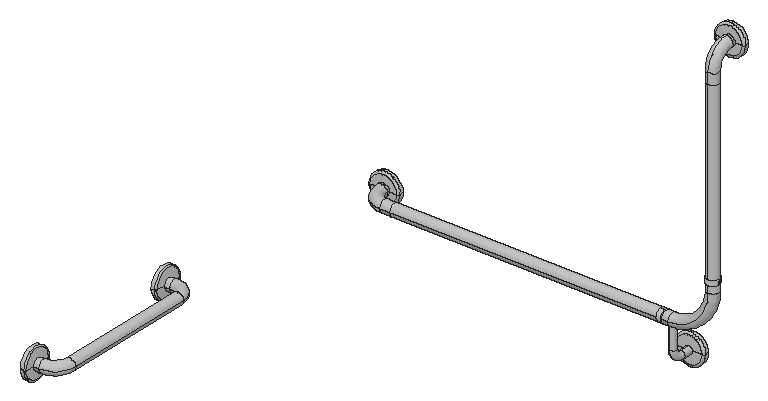
Revit family "RBA4090-345", category Plumbing Fixtures, Revit 2021
Family settings
  Round Connector Dimension = Use Diameter
  Part Type = Normal
  Work Plane-Based = No
  Always vertical = No
  Cut with Voids When Loaded = No
  Shared = No
  Room Calculation Point = No
Parameters
  Watermarked By = ""
  URL = "www.rba.com.au"
  Phone Number = "1300 788 778"
  OFFSET = 800.00 mm
  Model = "RBA4090-345"
  Materials & Finishes = #304 Stainless Steel, Satin Finish
  Manufacturer Model = ""
  Manufacturer = "RBA Group"
  Distance Away from Wall [instance] = 100.00 mm
  Distance Away from Toilet [instance] = 1090.00 mm
  Description = "LH Accessible Rail + 450mm Straight Kit | Satin Finish"
  Default Elevation = 0.00 mm
  Copyrighted by = "RBA Group"  # constant formula
  Assembly Code = ""
Reference planes
  plane 1 "Center (Front/Back)": y = 0
  plane 2: z = 0
  plane 3: x = 40.5
  plane 4: z = 800
  plane 5: z = 1500
  plane 6: x = -59.5
  plane 7: z = 700
  plane 8: x = -909.5
  plane 9: x = -1009.5
  plane 10: y = -54
  plane 11: y = -86
  plane 12: y = -1090
  plane 13: y = -1074
  plane 14: x = -954.5
  plane 15: x = -922.5
  plane 16: z = 816
  plane 17: x = 24.5
Dimensions and locks
  "OFFSET": plane 4 to plane 2
  plane 10 to plane 1 "Center (Front/Back)" = 54.00 mm
  plane 1 "Center (Front/Back)" to plane 11 = 86.00 mm
  "Distance Away from Wall": plane 9 to plane 8
  locked: plane 13 to plane 12 at 16
  "Distance Away from Toilet": plane 1 "Center (Front/Back)" to plane 12
  aligned and locked: plane 4 to nested 1
Nested families
  nested 1: "RBA4090-901" at (-933, 0, 800), type "RBA4090-901"
  nested 2: "RBA4000-Straight-Series" at (-1009.5, -1074, 800) x (0, 1, 0) z (0, 0, 1), type "RBA4000-045"
Definition of nested family "RBA4090-901"
  Parameters (values of type "RBA4090-901")
    Watermarked By = "www.rba.com.au"
    URL = "www.rba.com.au"
    R_Void [instance] = 15.00 mm
    R [instance] = 0.00 mm
    Phone Number = ""
    Model = "RBA4090-901"
    Materials & Finishes = none
    Manufacturer Model = "B819436"
    Manufacturer = "RBA Group"
    Description = "RTA SSS Left Hand Single Wall 90° Rail"
    Default Elevation = 0.00 mm
    Copyrighted by = "RBA Group"  # constant formula
    Assembly Code = ""
  Reference planes
    plane 1 "Center (Front/Back)": y = 0
    plane 2: z = 0
    plane 3: x = 40.5
    plane 4: z = -30
    plane 5: z = 30
    plane 6: x = 70.5
    plane 7: x = 10.5
    plane 8: x = 990.5
    plane 9: x = 515.5
    plane 10: z = 670
    plane 11: z = 730
    plane 12: x = 960.5
    plane 13: x = 1020.5
    plane 14: z = 700
    plane 15: z = -130
    plane 16: z = -70
    plane 17: x = 910.5
    plane 18: x = 850.5
    plane 19: x = 835.5
    plane 20: z = -100
    plane 21: x = 974.5
    plane 22: z = 16
    plane 23: y = -70
    plane 24: y = -86
    plane 25: y = -54
    plane 26: y = -79.5
    plane 27: y = -60.5
  Forms (mm)
    Extrusion 1, solid
      sketch origin (40.5, -2.628, 315.907) x (0, 0, -1) y (-1, 0, 0)
        loop
          circle (315.907, 0) r 40
      from -0.219 to 2.628
    Revolve 2, solid, material <- "Materials & Finishes"
      sketch origin (40.5, 18.663, 0) x (0, -1, 0) y (1, 0, 0)
        loop
          line (18.663, 0) -> (18.663, -41.5) -> (27.844, -41.5)
          arc (27.844, -41.5) -> (31.337, -40.077) -> (32.842, -36.617) r 5
          line (32.842, -36.617) -> (33.701, 0) -> (18.663, 0)
        axis (18.663, 0) -> (33.701, 0)
      angle from 0 to 360
    Extrusion 3, void
      sketch origin (40.5, 34.941, 315.907) x (0, 0, -1) y (-1, 0, 0)
        loop
          circle (315.907, -30) r 5
        loop
          circle (315.907, 30) r 5
      from -37.788 to -30
    Sweep 4, solid, material <- "Materials & Finishes"
      path origin (40.5, 12.454, 0) x (0, -1, 0) y (-1, 0, 0)
        loop
          line (12.454, 0) -> (34.454, 0)
          arc (34.454, 0) -> (68.395, -14.059) -> (82.454, -48) r 48
          line (82.454, -48) -> (82.454, -76)
      profile origin (40.5, -11, 0) x (1, 0, 0) y (0, 0, 1)
        loop
          circle (0, 0) r 16
    Extrusion 5, solid
      sketch origin (990.5, -2.628, 1015.907) x (0, 0, -1) y (-1, 0, 0)
        loop
          circle (315.907, 0) r 40
      from -0.219 to 2.628
    Extrusion 6, void
      sketch origin (990.5, 34.941, 1015.907) x (0, 0, -1) y (-1, 0, 0)
        loop
          circle (315.907, 30) r 5
        loop
          circle (315.907, -30) r 5
      from -37.788 to -30
    Sweep 7, solid, material <- "Materials & Finishes"
      path origin (1690.5, 12.454, 700) x (0, -1, 0) y (0, 0, 1)
        loop
          line (12.454, 0) -> (34.454, 0)
          arc (34.454, 0) -> (68.395, -14.059) -> (82.454, -48) r 48
          line (82.454, -48) -> (82.454, -76)
      profile origin (1690.5, -11, 700) x (0, 0, 1) y (-1, 0, 0)
        loop
          circle (0, 700) r 16
    Revolve 8, solid, material <- "Materials & Finishes"
      sketch origin (990.5, 18.663, 700) x (0, -1, 0) y (1, 0, 0)
        loop
          line (18.663, 0) -> (33.701, 0) -> (32.842, 36.617)
          arc (32.842, 36.617) -> (31.337, 40.077) -> (27.844, 41.5) r 5
          line (27.844, 41.5) -> (18.663, 41.5) -> (18.663, 0)
        axis (18.663, 0) -> (33.701, 0)
      angle from 0 to 360
    Sweep 9, solid, material <- "Materials & Finishes"
      path origin (0, 0, 0) x (1, 0, 0) y (0, 0, 1)
        loop
          line (116.5, 0) -> (880.5, 0)
          arc (880.5, 0) -> (958.282, 32.218) -> (990.5, 110) r 110
          line (990.5, 110) -> (990.5, 624)
      profile origin (498.5, 0, 0) x (0, 0, 1) y (0, -1, 0)
        loop
          circle (0, 70) r 16
    Extrusion 10, solid
      sketch origin (880.5, -2.628, 215.907) x (0, 0, -1) y (-1, 0, 0)
        loop
          circle (315.907, 0) r 40
      from -0.219 to 2.628
    Revolve 11, solid, material <- "Materials & Finishes"
      sketch origin (880.5, 18.663, -100) x (0, -1, 0) y (1, 0, 0)
        loop
          line (18.663, 0) -> (18.663, -41.5) -> (27.844, -41.5)
          arc (27.844, -41.5) -> (31.337, -40.077) -> (32.842, -36.617) r 5
          line (32.842, -36.617) -> (33.701, 0) -> (18.663, 0)
        axis (18.663, 0) -> (33.701, 0)
      angle from 0 to 360
    Sweep 12, solid, material <- "Materials & Finishes"
      path origin (880.5, 12.454, -100) x (0, -1, 0) y (0, 0, -1)
        loop
          line (12.454, 0) -> (54.454, 0)
          arc (54.454, 0) -> (74.253, -8.201) -> (82.454, -28) r 28
          line (82.454, -28) -> (82.454, -100)
      profile origin (880.5, -21, -100) x (0, 0, -1) y (1, 0, 0)
        loop
          circle (0, 0) r 9.5
    Extrusion 13, void
      sketch origin (880.5, 34.941, 215.907) x (0, 0, -1) y (-1, 0, 0)
        loop
          circle (315.907, -30) r 5
        loop
          circle (315.907, 30) r 5
      from -37.788 to -30
    Extrusion 14, solid
      sketch origin (0, 0, 0) x (1, 0, 0) y (0, 1, 0)
        loop
          circle (990.5, -70) r 17
      from 142 to 130
    Extrusion 15, solid
      sketch origin (650.5, 0, 990.5) x (0, 0, -1) y (0, 1, 0)
        loop
          circle (990.5, -70) r 17
      from 210 to 198
  Cuts and joins
    Extrusion 3, Extrusion 6, Extrusion 13 cuts Extrusion 1
    Extrusion 3, Extrusion 6, Extrusion 13 cuts Revolve 2
    Extrusion 13 cuts Sweep 4
    Extrusion 6 cuts Revolve 8
    Extrusion 13 cuts Revolve 11
    joined: Revolve 2, Sweep 4, Sweep 7, Revolve 8, Sweep 9, Revolve 11, Sweep 12
    Extrusion 6 cuts Extrusion 5
    Extrusion 13 cuts Extrusion 10
  Dimensions and locks
    Revolve 2 sketch curve to Revolve 2 sketch curve = 41.50 mm
    plane 5 to level to plane 4 = 30.00 mm, 30.00 mm
    plane 7 to plane 6 = 60.00 mm
    plane 11 to plane 10 = 60.00 mm
    plane 12 to plane 13 = 60.00 mm
    Revolve 8 sketch curve to Revolve 8 sketch curve = 41.50 mm
    Revolve 11 sketch curve to Revolve 11 sketch curve = 41.50 mm
    plane 16 to plane 15 = 60.00 mm
    plane 18 to plane 17 = 60.00 mm
    level to plane 20 = 100.00 mm
    plane 14 to level = 700.00 mm
    plane 8 to plane 19 = 155.00 mm
    plane 8 to plane 3 = 950.00 mm
    radius of Extrusion 1 sketch curve = 40.00 mm
    radius of Sweep 4 sketch curve = 16.00 mm
    radius of Extrusion 5 sketch curve = 40.00 mm
    radius of Sweep 7 sketch curve = 16.00 mm
    radius of Extrusion 10 sketch curve = 40.00 mm
    radius of Sweep 12 sketch curve = 9.50 mm
    aligned and locked: Revolve 2 to Extrusion 1
    aligned and locked: Revolve 11 to Extrusion 10
Definition of nested family "RBA4000-Straight-Series"
  Parameters (values of type "RBA4000-060")
    Watermarked By = "www.rba.com.au"
    URL = "www.rba.com.au"
    Phone Number = ""
    OFFSET [instance] = 800.00 mm
    Modified Issue = ""
    Model = "RBA4000-Straight-Series"
    Materials & Finishes = none
    Manufacturer = "RBA Group"  # constant formula
    Lgth = 600.00 mm
    Diameter = 32.00 mm
    Description = "RTA Satin Stainless Steel Straight Grabrail"
    Default Elevation = 0.00 mm
    Copyright by = "RBA Group"  # constant formula
  Types (9, lengths in mm): name | URL | Phone Number | Modified Issue | Model | Lgth | Description
    RBA4000-040 | "www.rba.com.au" | "" | "20191108.1" | "RBA4000-040" | 400.00 | "Straight Grab Rail 400mm"
    RBA4000-120 | "http://www.rba.com.au/accessible-disabled/grab-rails" | "1300 788 778" | "20191004.01" | "RBA4000-120" | 1200.00 | "Straight Grab Rail 1200mm"
    RBA4000-100 | "http://www.rba.com.au/accessible-disabled/grab-rails" | "1300 788 778" | "20191004.01" | "RBA4000-100" | 1000.00 | "Straight Grab Rail 1000mm"
    RBA4000-080 | "http://www.rba.com.au/accessible-disabled/grab-rails" | "1300 788 778" | "20191004.01" | "RBA4000-080" | 800.00 | "Straight Grab Rail 800mm"
    RBA4000-090 | "www.rba.com.au" | "" | "20191004.01" | "RBA4000-090" | 900.00 | "Straight Grab Rail 900mm"
    RBA4000-070 | "www.rba.com.au" | "" | "20191004.01" | "RBA4000-075" | 700.00 | "Straight Grab Rail 750mm"
    RBA4000-060 | "www.rba.com.au" | "" | "" | "RBA4000-Straight-Series" | 600.00 | "RTA Satin Stainless Steel Straight Grabrail"
    RBA4000-045 | "www.rba.com.au" | "" | "20191004.01" | "RBA4000-045" | 450.00 | "Straight Grab Rail 450mm"
    RBA4000-030 | "www.rba.com.au" | "" | "20190510.1" | "RBA4000-030" | 300.00 | "Straight Grab Rail 300mm"
  Reference planes
    plane 1 "Center (Front/Back)": y = 0
    plane 2: z = 0
    plane 3 "Center (Left/Right)": x = 0
    plane 4: x = 0
    plane 5: x = 0
    plane 6: y = -57
    plane 7: y = -87
    plane 8: x = 600
    plane 9: z = 16
    plane 10: z = -16
    plane 11: y = -55
  Forms (mm)
    Sweep 1, solid, material <- "Materials & Finishes"
      path origin (-273.954, -750, 0) x (0, -1, 0) y (1, 0, 0)
        loop
          line (-740, 873.954) -> (-719, 873.954)
          arc (-719, 873.954) -> (-690.716, 862.239) -> (-679, 833.954) r 40
          line (-679, 833.954) -> (-679, 313.954)
          arc (-679, 313.954) -> (-690.716, 285.67) -> (-719, 273.954) r 40
          line (-719, 273.954) -> (-740, 273.954)
      profile origin (300, -71, 0) x (0, -1, 0) y (0, 0, 1)
        loop
          circle (0, 0) r 16
    Extrusion 2, solid, material <- "Materials & Finishes"
      sketch origin (62.5, -2.628, -315.907) x (0, 0, 1) y (1, 0, 0)
        loop
          circle (315.907, -62.5) r 40
      from -0.206 to 2.628
    Revolve 3, solid, material <- "Materials & Finishes"
      sketch origin (62.5, 18.663, 0) x (-1, 0, 0) y (0, -1, 0)
        loop
          line (62.5, 18.663) -> (104, 18.663) -> (104, 28.968)
          arc (104, 28.968) -> (103.207, 31.014) -> (101.243, 31.992) r 3.037
          arc (101.243, 31.992) -> (81.892, 33.334) -> (62.5, 33.781) r 420.249
          line (62.5, 33.781) -> (62.5, 18.663)
        axis (62.5, 18.663) -> (62.5, 33.781)
      angle from 0 to 360
    Extrusion 4, void
      sketch origin (62.704, 34.941, -270.785) x (-0.515038, 0, 0.857167) y (0.857167, 0, 0.515038)
        loop
          circle (248.952, 111.432) r 4.75
        loop
          circle (279.854, 60.002) r 4.75
      from -37.775 to -34.941
    Extrusion 5, solid, material <- "Materials & Finishes"
      sketch origin (237.5, -2.628, -315.907) x (0, 0, 1) y (1, 0, 0)
        loop
          circle (315.907, 362.5) r 40
      from -0.206 to 2.628
    Revolve 6, solid, material <- "Materials & Finishes"
      sketch origin (237.5, 18.663, 0) x (-1, 0, 0) y (0, -1, 0)
        loop
          line (-362.5, 18.663) -> (-362.5, 33.781)
          arc (-362.5, 33.781) -> (-381.892, 33.334) -> (-401.243, 31.992) r 420.249
          arc (-401.243, 31.992) -> (-403.207, 31.014) -> (-404, 28.968) r 3.037
          line (-404, 28.968) -> (-404, 18.663) -> (-362.5, 18.663)
        axis (-362.5, 18.663) -> (-362.5, 33.781)
      angle from 0 to 360
    Extrusion 7, void
      sketch origin (362.704, 34.941, -270.785) x (-0.515038, 0, 0.857167) y (0.857167, 0, 0.515038)
        loop
          circle (125.343, 317.152) r 4.75
        loop
          circle (94.441, 368.582) r 4.75
      from -37.775 to -34.941
  Cuts and joins
    Extrusion 7 cuts Sweep 1
    Extrusion 4, Extrusion 7 cuts Extrusion 2
    Extrusion 4, Extrusion 7 cuts Revolve 3
    Extrusion 7 cuts Extrusion 5
    Extrusion 7 cuts Revolve 6
    joined: Sweep 1, Extrusion 2, Revolve 3, Extrusion 5, Revolve 6
  Dimensions and locks
    "Lgth": plane 3 "Center (Left/Right)" to plane 8
    radius of Sweep 1 sketch curve = 16.00 mm
    aligned and locked: level to plane 2
    aligned and locked: Revolve 3 to Extrusion 2
    aligned and locked: Extrusion 2 to Extrusion 4
    aligned and locked: Revolve 6 to Extrusion 5
  Automatic sketch dimensions
    Sweep 1 sketch curve to plane 8 = 0.00 mm
    Sweep 1 sketch curve to plane 3 "Center (Left/Right)" = 0.00 mm
    plane 6 to Sweep 1 sketch curve = 26.00 mm  (x2)
    Sweep 1 sketch curve to plane 6 = 14.00 mm
    plane 1 "Center (Front/Back)" to Sweep 1 sketch curve = 10.00 mm  (x2)
    Sweep 1 sketch curve to profile plane = 0.00 mm  (x2)
    Extrusion 2 sketch curve to level = 0.00 mm
    Extrusion 2 sketch curve to plane 3 "Center (Left/Right)" = 0.00 mm
    plane 1 "Center (Front/Back)" to Revolve 3 sketch curve = 0.00 mm
    Revolve 3 sketch curve to plane 3 "Center (Left/Right)" = 0.00 mm  (x2)
    plane 1 "Center (Front/Back)" to Revolve 3 sketch curve = 10.305 mm
    Revolve 3 sketch curve to plane 3 "Center (Left/Right)" = 38.463 mm
    Revolve 3 sketch curve to Revolve 3 sketch curve = 3.037 mm
    Revolve 3 sketch curve to plane 1 "Center (Front/Back)" = 405.131 mm
    Revolve 3 sketch curve to Revolve 3 sketch curve = 15.118 mm
    Revolve 3 sketch curve to plane 1 "Center (Front/Back)" = 21.537 mm
    Revolve 3 sketch curve to Revolve 3 sketch curve = 0.00 mm
    plane 6 to Revolve 3 sketch curve = 13.537 mm
    Extrusion 5 sketch curve to level = 0.00 mm
    plane 8 to Extrusion 5 sketch curve = 0.00 mm
    plane 1 "Center (Front/Back)" to Revolve 6 sketch curve = 0.00 mm
    Revolve 6 sketch curve to plane 8 = 0.00 mm  (x2)
    plane 1 "Center (Front/Back)" to Revolve 6 sketch curve = 10.305 mm
    Revolve 6 sketch curve to plane 8 = 38.463 mm
    Revolve 6 sketch curve to Revolve 6 sketch curve = 3.037 mm
    Revolve 6 sketch curve to plane 1 "Center (Front/Back)" = 405.131 mm
    Revolve 6 sketch curve to Revolve 6 sketch curve = 15.118 mm
    Revolve 6 sketch curve to plane 1 "Center (Front/Back)" = 21.537 mm
    Revolve 6 sketch curve to Revolve 6 sketch curve = 0.00 mm
    plane 6 to Revolve 6 sketch curve = 13.537 mm
    Extrusion 7 sketch curve to level = 0.00 mm  (x2)
    Extrusion 7 sketch curve to plane 8 = 30.00 mm
    Extrusion 7 sketch curve to Extrusion 7 sketch curve = 30.902 mm
    Extrusion 4 sketch curve to level = 0.00 mm  (x2)
    plane 3 "Center (Left/Right)" to Extrusion 4 sketch curve = 30.00 mm
    Extrusion 4 sketch curve to Extrusion 4 sketch curve = 30.902 mm
    radius of Extrusion 2 sketch curve = 40.00 mm
    radius of Extrusion 5 sketch curve = 40.00 mm
    radius of Extrusion 7 sketch curve = 4.75 mm  (x2)
    radius of Extrusion 4 sketch curve = 4.75 mm  (x2)
